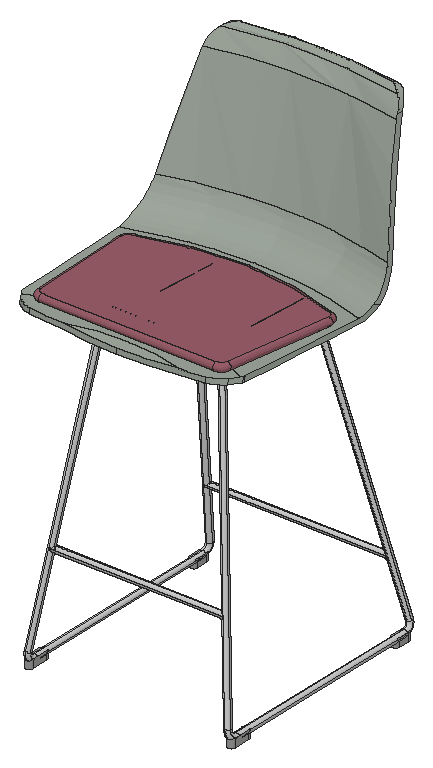
Revit family "FU_Stool_Sandler_Varya 0067", category Furniture, Revit 2020
Family settings
  OmniClass Number = 23.40.20.00
  OmniClass Title = General Furniture and Specialties
  Work Plane-Based = No
  Always vertical = Yes
  Cut with Voids When Loaded = No
  Shared = No
  Room Calculation Point = No
Parameters (values of type "Varya 0067")
  Width = 465 mm
  URL = "https://www.sandlerseating.com/product/varya-0067/"
  Shell [instance] = Polypropylene - M2_V74
  Seat [instance] = Fabric - X2 - Subtract AK013
  Model = "Varya 0067"
  Manufacturer = "Sandler"
  Height = 1020 mm
  Frame [instance] = Metal - Chrome - Polished
  Description = "High back counterstool with polypropylene shell, round steel tube sled base and upholstered seat. Greenguard Certified."
  Depth = 490 mm
  Default Elevation = 0 mm
Reference planes
  plane 1 "Center (Front/Back)": y = 0
  plane 2: z = 0
  plane 3 "Center (Left/Right)": x = 0
  plane 4 "Right": x = -232.5
  plane 5 "Left": x = 232.5
  plane 6 "Back": y = 245
  plane 7 "Front": y = -245
  plane 8 "Height": z = 1020
  plane 9 "Seat height": z = 640
  plane 10 "Frame Left FRONT": through (198.912, -1524, 31.346) normal (-0.9909, 0, -0.1347)
  plane 11 "Frame Right FRONT": through (-198.912, -1524, 31.346) normal (-0.9909, 0, 0.1347)
  plane 12 "Frame Front RIGHT": through (4267.2, -225.901, 30.141) normal (0, -0.9897, 0.1428)
  plane 13 "Frame Back RIGHT": through (4267.2, 224.33, 31.421) normal (0, -0.9743, -0.2253)
  plane 14 "Stretch F RIGHT": z = 214.183
  plane 15 "Stretch B RIGHT": z = 150.129
  plane 16 "F Cross Top RIGHT": through (4267.2, -130.821, 647.018) normal (0, 0.0581, 0.9983)
Forms (mm)
  Sweep 1, solid, material "Metal - Chrome - Polished" <- "Frame"
    path origin (199.487, 0, 27.117) x (0.134693, 0, -0.990887) y (0, -1, 0)
      loop
        line (-604.852, 139.98) -> (-5.632, 227.277)
        arc (-5.632, 227.277) -> (8.797, 223.082) -> (15.051, 209.42) r 18.05
        line (15.051, 209.42) -> (15.051, -210.213)
        arc (15.051, -210.213) -> (9.37, -222.076) -> (-3.434, -225.085) r 15.225
        line (-3.434, -225.085) -> (-595.732, -88.874)
    profile "Pro_Circles : 12mm" origin (201.514, 0.397, 12.202) x (0.134693, 0, -0.990887) y (-0.990887, 0, -0.134693)
      loop
        arc (-5.967, 0.067) -> (-4.287, -4.192) -> (-0.067, -5.967) r 5.901
        arc (-0.067, -5.967) -> (4.24, -4.24) -> (5.967, 0.067) r 5.902
        arc (5.967, 0.067) -> (4.192, 4.286) -> (-0.067, 5.967) r 5.901
        arc (-0.067, 5.967) -> (-4.238, 4.238) -> (-5.967, 0.067) r 5.9
  Sweep 2, solid, material "Metal - Chrome - Polished" <- "Frame"
    path origin (0, 219.842, 50.831) x (0, 0.225273, -0.974296) y (1, 0, 0)
      loop
        line (-577.263, 119.832) -> (-589.197, 118.167)
        arc (-589.197, 118.167) -> (-598.141, 112.876) -> (-600.665, 102.794) r 13.483
        arc (-600.665, 102.794) -> (-592.937, 0.192) -> (-600.665, -102.411) r 684.995
        arc (-600.665, -102.411) -> (-598.141, -112.492) -> (-589.197, -117.784) r 13.483
        line (-589.197, -117.784) -> (-577.238, -119.453)
    profile "Pro_Circles : 12mm" origin (119, 88.456, 619.07) x (-0.990407, 0.031128, -0.134628) y (0, -0.974296, -0.225273)
      loop
        arc (-5.967, 0.067) -> (-4.287, -4.192) -> (-0.067, -5.967) r 5.901
        arc (-0.067, -5.967) -> (4.24, -4.24) -> (5.967, 0.067) r 5.902
        arc (5.967, 0.067) -> (4.192, 4.286) -> (-0.067, 5.967) r 5.901
        arc (-0.067, 5.967) -> (-4.238, 4.238) -> (-5.967, 0.067) r 5.9
  Sweep 3, solid, material "Metal - Chrome - Polished" <- "Frame"
    path origin (0, -225.554, 32.548) x (0, -0.142821, -0.989748) y (1, 0, 0)
      loop
        line (-593.19, 118.99) -> (-606.091, 117.218)
        arc (-606.091, 117.218) -> (-617.596, 110.767) -> (-621.627, 98.208) r 18.026
        arc (-621.627, 98.208) -> (-618.484, 0) -> (-621.627, -98.208) r 1535.879
        arc (-621.627, -98.208) -> (-617.596, -110.767) -> (-606.091, -117.218) r 18.026
        line (-606.091, -117.218) -> (-593.19, -118.99)
    profile "Pro_Circles : 12mm" origin (0, -137.221, 644.691) x (0, -0.142821, -0.989748) y (0, -0.989748, 0.142821)
      loop
        arc (-5.967, 0.067) -> (-4.287, -4.192) -> (-0.067, -5.967) r 5.901
        arc (-0.067, -5.967) -> (4.24, -4.24) -> (5.967, 0.067) r 5.902
        arc (5.967, 0.067) -> (4.192, 4.286) -> (-0.067, 5.967) r 5.901
        arc (-0.067, 5.967) -> (-4.238, 4.238) -> (-5.967, 0.067) r 5.9
  Sweep 4, solid, material "Metal - Chrome - Polished" <- "Frame"
    path origin (-199.487, 0, 27.117) x (-0.134693, 0, -0.990887) y (0, -1, 0)
      loop
        line (-604.852, 139.98) -> (-5.632, 227.277)
        arc (-5.632, 227.277) -> (8.797, 223.082) -> (15.051, 209.42) r 18.05
        line (15.051, 209.42) -> (15.051, -210.213)
        arc (15.051, -210.213) -> (9.37, -222.076) -> (-3.434, -225.085) r 15.225
        line (-3.434, -225.085) -> (-595.732, -88.874)
    profile "Pro_Circles : 12mm" origin (-201.514, 0.397, 12.202) x (0.134693, 0, 0.990887) y (0.990887, 0, -0.134693)
      loop
        arc (5.967, 0.067) -> (4.238, 4.238) -> (0.067, 5.967) r 5.9
        arc (0.067, 5.967) -> (-4.192, 4.286) -> (-5.967, 0.067) r 5.901
        arc (-5.967, 0.067) -> (-4.24, -4.24) -> (0.067, -5.967) r 5.902
        arc (0.067, -5.967) -> (4.287, -4.192) -> (5.967, 0.067) r 5.901
  Sweep 5, solid, material "Metal - Chrome - Polished" <- "Frame"
    path origin (0, 0.43, 150.129) x (0, -1, 0) y (1, 0, 0)
      loop
        line (-196.904, -183) -> (-196.904, 183)
    profile "Pro_Circles : 12mm" origin (0, 197.334, 150.129) x (0, 1, 0) y (0, 0, 1)
      loop
        arc (-5.967, 0.067) -> (-4.287, -4.192) -> (-0.067, -5.967) r 5.901
        arc (-0.067, -5.967) -> (4.24, -4.24) -> (5.967, 0.067) r 5.902
        arc (5.967, 0.067) -> (4.192, 4.286) -> (-0.067, 5.967) r 5.901
        arc (-0.067, 5.967) -> (-4.238, 4.238) -> (-5.967, 0.067) r 5.9
  Sweep 6, solid, material "Metal - Chrome - Polished" <- "Frame"
    path origin (0, -1.25, 214.183) x (0, -1, 0) y (1, 0, 0)
      loop
        line (199.339, -172.034) -> (199.339, 171.965)
    profile "Pro_Circles : 12mm" origin (-0.034, -200.589, 214.183) x (0, 1, 0) y (0, 0, 1)
      loop
        arc (-5.967, 0.067) -> (-4.287, -4.192) -> (-0.067, -5.967) r 5.901
        arc (-0.067, -5.967) -> (4.24, -4.24) -> (5.967, 0.067) r 5.902
        arc (5.967, 0.067) -> (4.192, 4.286) -> (-0.067, 5.967) r 5.901
        arc (-0.067, 5.967) -> (-4.238, 4.238) -> (-5.967, 0.067) r 5.9
  SweptBlend 7, solid, material "Metal - Chrome - Polished" <- "Frame"
    path origin (0, 42.102, 636.998) x (0, -0.998312, 0.058087) y (1, 0, 0)
      loop
        line (178.874, -90.024) -> (-43.23, -90.024)
    profile "Pro_Frame_Loz : Pro_Frame_Loz" origin (-90.024, -136.469, 647.388) x (-1, 0, 0) y (0, 0.058087, 0.998312)
      loop
        arc (-6.206, 5.787) -> (-11.993, -0.419) -> (-5.787, -6.206) r 6
        line (-5.787, -6.206) -> (6.206, -5.787)
        arc (6.206, -5.787) -> (11.993, 0.419) -> (5.787, 6.206) r 6
        line (5.787, 6.206) -> (-6.206, 5.787)
    end profile "Pro_Frame_Loz : Pro_Frame_Loz" origin (-90.024, 85.26, 634.486) x (-1, 0, 0) y (0, 0.058087, 0.998312)
      loop
        arc (-6.594, 5.34) -> (-11.934, -1.254) -> (-5.34, -6.594) r 6
        line (-5.34, -6.594) -> (6.594, -5.34)
        arc (6.594, -5.34) -> (11.934, 1.254) -> (5.34, 6.594) r 6
        line (5.34, 6.594) -> (-6.594, 5.34)
  SweptBlend 8, solid, material "Metal - Chrome - Polished" <- "Frame"
    path origin (0, 42.102, 636.998) x (0, -0.998312, 0.058087) y (-1, 0, 0)
      loop
        line (178.874, -90.024) -> (-43.23, -90.024)
    profile "Pro_Frame_Loz : Pro_Frame_Loz" origin (90.024, -136.469, 647.388) x (-1, 0, 0) y (0, 0.058087, 0.998312)
      loop
        line (5.787, 6.206) -> (-6.206, 5.787)
        arc (-6.206, 5.787) -> (-11.993, -0.419) -> (-5.787, -6.206) r 6
        line (-5.787, -6.206) -> (6.206, -5.787)
        arc (6.206, -5.787) -> (11.993, 0.419) -> (5.787, 6.206) r 6
    end profile "Pro_Frame_Loz : Pro_Frame_Loz" origin (90.024, 85.26, 634.486) x (-1, 0, 0) y (0, 0.058087, 0.998312)
      loop
        line (5.34, 6.594) -> (-6.594, 5.34)
        arc (-6.594, 5.34) -> (-11.934, -1.254) -> (-5.34, -6.594) r 6
        line (-5.34, -6.594) -> (6.594, -5.34)
        arc (6.594, -5.34) -> (11.934, 1.254) -> (5.34, 6.594) r 6
  Extrusion 9, solid, material "Rubber, Black"
    sketch origin (0, 0, 0) x (1, 0, 0) y (0, 1, 0)
      loop
        arc (-194, -187.097) -> (-201.5, -179.597) -> (-209, -187.097) r 7.5
        line (-209, -187.097) -> (-209, -220.654)
        arc (-209, -220.654) -> (-201.5, -228.154) -> (-194, -220.654) r 7.5
        line (-194, -220.654) -> (-194, -187.097)
    from 0 to 15.919
  Extrusion 10, solid, material "Rubber, Black"
    sketch origin (0, 0, 0) x (1, 0, 0) y (0, 1, 0)
      loop
        line (-194, 189.328) -> (-194, 211.01)
        arc (-194, 211.01) -> (-201.5, 218.51) -> (-209, 211.01) r 7.5
        line (-209, 211.01) -> (-209, 189.328)
        arc (-209, 189.328) -> (-201.5, 181.828) -> (-194, 189.328) r 7.5
    from 0 to 15.919
  Extrusion 11, solid, material "Rubber, Black"
    sketch origin (0, 0, 0) x (-1, 0, 0) y (0, -1, 0)
      loop
        line (-194, 187.097) -> (-194, 220.654)
        arc (-194, 220.654) -> (-201.5, 228.154) -> (-209, 220.654) r 7.5
        line (-209, 220.654) -> (-209, 187.097)
        arc (-209, 187.097) -> (-201.5, 179.597) -> (-194, 187.097) r 7.5
    from 0 to 15.919
  Extrusion 12, solid, material "Rubber, Black"
    sketch origin (0, 0, 0) x (-1, 0, 0) y (0, -1, 0)
      loop
        arc (-194, -189.328) -> (-201.5, -181.828) -> (-209, -189.328) r 7.5
        line (-209, -189.328) -> (-209, -211.01)
        arc (-209, -211.01) -> (-201.5, -218.51) -> (-194, -211.01) r 7.5
        line (-194, -211.01) -> (-194, -189.328)
    from 0 to 15.919
Dimensions and locks
  equal spacing: plane 4 "Right", plane 3 "Center (Left/Right)", plane 5 "Left"
  "Width": plane 4 "Right" to plane 5 "Left"
  equal spacing: plane 6 "Back", plane 1 "Center (Front/Back)", plane 7 "Front"
  "Depth": plane 6 "Back" to plane 7 "Front"
  "Height": plane 8 "Height" to level
  plane 9 "Seat height" to level = 640 mm
  aligned and locked: level to plane 2
Automatic sketch dimensions
  plane 7 "Front" to Sweep 1 sketch curve = 105.02 mm
  Sweep 1 sketch curve to plane 1 "Center (Front/Back)" = 88.874 mm
  Sweep 1 sketch curve to Sweep 1 sketch curve = 9.12 mm
  plane 7 "Front" to Sweep 1 sketch curve = 17.723 mm
  Sweep 1 sketch curve to Sweep 1 sketch curve = 599.22 mm
  Sweep 1 sketch curve to plane 6 "Back" = 19.915 mm
  Sweep 1 sketch curve to Sweep 1 sketch curve = 2.198 mm
  Sweep 1 sketch curve to Sweep 1 sketch curve = 2.633 mm
  Sweep 1 sketch curve to Sweep 1 sketch curve = 3.261 mm
  Sweep 1 sketch curve to Sweep 1 sketch curve = 15.225 mm
  plane 3 "Center (Left/Right)" to Sweep 2 sketch curve = 0.192 mm
  plane 5 "Left" to Sweep 2 sketch curve = 114.333 mm
  Sweep 2 sketch curve to Sweep 2 sketch curve = 688.735 mm
  Sweep 2 sketch curve to plane 4 "Right" = 114.716 mm
  Sweep 2 sketch curve to Sweep 2 sketch curve = 0 mm  (x2)
  Sweep 2 sketch curve to Sweep 2 sketch curve = 1.863 mm  (x2)
  Sweep 2 sketch curve to Sweep 2 sketch curve = 13.354 mm  (x2)
  plane 5 "Left" to Sweep 2 sketch curve = 112.668 mm
  Sweep 2 sketch curve to Sweep 2 sketch curve = 11.934 mm
  Sweep 2 sketch curve to plane 4 "Right" = 113.047 mm
  Sweep 2 sketch curve to Sweep 2 sketch curve = 11.959 mm
  Sweep 3 sketch curve to plane 3 "Center (Left/Right)" = 0 mm
  plane 5 "Left" to Sweep 3 sketch curve = 115.282 mm
  Sweep 3 sketch curve to Sweep 3 sketch curve = 1548.272 mm
  Sweep 3 sketch curve to plane 4 "Right" = 115.282 mm
  Sweep 3 sketch curve to Sweep 3 sketch curve = 0 mm  (x2)
  Sweep 3 sketch curve to Sweep 3 sketch curve = 2.453 mm  (x2)
  Sweep 3 sketch curve to Sweep 3 sketch curve = 17.858 mm  (x2)
  Sweep 3 sketch curve to plane 4 "Right" = 113.51 mm
  Sweep 3 sketch curve to Sweep 3 sketch curve = 12.901 mm  (x2)
  plane 5 "Left" to Sweep 3 sketch curve = 113.51 mm
  Sweep 4 sketch curve to plane 7 "Front" = 17.723 mm
  plane 6 "Back" to Sweep 4 sketch curve = 19.915 mm
  Sweep 4 sketch curve to Sweep 4 sketch curve = 2.198 mm
  Sweep 4 sketch curve to Sweep 4 sketch curve = 2.633 mm
  Sweep 4 sketch curve to Sweep 4 sketch curve = 3.261 mm
  Sweep 4 sketch curve to Sweep 4 sketch curve = 15.225 mm
  plane 1 "Center (Front/Back)" to Sweep 4 sketch curve = 88.874 mm
  Sweep 4 sketch curve to Sweep 4 sketch curve = 592.297 mm
  Sweep 4 sketch curve to plane 7 "Front" = 105.02 mm
  Sweep 4 sketch curve to Sweep 4 sketch curve = 9.12 mm
  Sweep 5 sketch curve to plane 6 "Back" = 47.666 mm
  Sweep 5 sketch curve to plane 4 "Right" = 49.5 mm
  plane 5 "Left" to Sweep 5 sketch curve = 49.5 mm
  plane 7 "Front" to Sweep 6 sketch curve = 44.411 mm
  Sweep 6 sketch curve to plane 4 "Right" = 60.466 mm
  plane 5 "Left" to Sweep 6 sketch curve = 60.535 mm
  SweptBlend 7 sketch curve to plane 3 "Center (Left/Right)" = 90.024 mm
  SweptBlend 7 sketch curve to SweptBlend 7 sketch curve = 222.104 mm
  SweptBlend 8 sketch curve to plane 3 "Center (Left/Right)" = 90.024 mm
  SweptBlend 8 sketch curve to SweptBlend 8 sketch curve = 222.104 mm
  Extrusion 9 sketch curve to plane 4 "Right" = 23.5 mm
  Extrusion 9 sketch curve to Extrusion 9 sketch curve = 7.5 mm
  plane 7 "Front" to Extrusion 9 sketch curve = 24.346 mm
  Extrusion 9 sketch curve to Extrusion 9 sketch curve = 33.557 mm
  Extrusion 10 sketch curve to plane 4 "Right" = 23.5 mm
  Extrusion 10 sketch curve to Extrusion 10 sketch curve = 7.5 mm
  Extrusion 10 sketch curve to plane 6 "Back" = 55.672 mm
  Extrusion 10 sketch curve to Extrusion 10 sketch curve = 21.682 mm
  Extrusion 11 sketch curve to plane 5 "Left" = 23.5 mm
  Extrusion 11 sketch curve to Extrusion 11 sketch curve = 7.5 mm
  Extrusion 11 sketch curve to plane 7 "Front" = 24.346 mm
  Extrusion 11 sketch curve to Extrusion 11 sketch curve = 33.557 mm
  Extrusion 12 sketch curve to plane 5 "Left" = 23.5 mm
  Extrusion 12 sketch curve to Extrusion 12 sketch curve = 7.5 mm
  plane 6 "Back" to Extrusion 12 sketch curve = 55.672 mm
  Extrusion 12 sketch curve to Extrusion 12 sketch curve = 21.682 mm
Nested families
  nested 1: "TP02" at (0, 0.618, 599.176) x (1, 0, 0) z (0, 0.0581, 0.9983), Shell Material <- "Shell", Seat Material <- "Seat", type "TP02"
    with Shell Material Polypropylene - M2_V74, Seat Material Fabric - X2 - Subtract AK013
Definition of nested family "TP02"
  Parameters (values of type "TP02")
    Youtube clip = ""
    Uniformat II Description = "Movable Furnishings"
    Uniformat II Code = ""
    Uniclass 2015 Name = ""
    Uniclass 2015 Code = ""
    Uniclass 2.0 Description = ""
    Uniclass 2.0 Code = ""
    Uniclass 1.4 Description = ""
    Uniclass 1.4 Code = ""
    UNSPSC Code = ""
    Technical description = ""
    Seat Material [instance] = none
    Default Elevation = 1219.2 mm
    401D = no
    Region South America = "All"
    Region Oceania = "All"
    Region North America = "All"
    Region Middle East = "All"
    Region Europe = "All"
    Region Asia = "All"
    Region Antarctica = "All"
    Region Africa = "All"
    QR code = ""
    Product url = ""
    Product name = ""
    Product group = "Chair"
    Product family = "Furniture"
    Product data url = ""
    Product certification = ""
    Product SKU = "??"
    Product Guid = "??"
    OmniClass Description = ""
    OmniClass Code = "23-21 23 15 17"
    NBS Reference Description = ""
    NBS Reference Code = ""
    Model = ""
    Masterformat 2014 Description = "Chair Mats"
    Masterformat 2014 Code = "12 48 43.13"
    Manufacturer name = "Sandler"
    Manufacturer country = "USA"
    Manufacturer = "Sandler"  # constant formula
    401G = yes
    Installation instructions = ""
    IFC Classification = "Furnishing Element"
    GTIN code = ""
    Edition number = 1
    Design country = ""
    Description = "Chair"  # constant formula
    Date of publishing = ""
    COBIe Type Category = ""
    Brand url = "https://www.sandlerseating.com/"
    Shell Material [instance] = none
    BIMobject main category code = "furniture"
    BIMobject main category = "Furniture"
    BIMobject category code = "furniture-chair"
    BIMobject category = "Chair"
  Reference planes
    plane 1 "Center Front/Back": y = 0
    plane 2: z = 0
    plane 3 "Center Left/Right": x = 0
    plane 4: y = 234.279
    plane 5: x = 400
    plane 6: x = -400
    plane 7: y = -500
    plane 8: x = -600
    plane 9: x = 600
    plane 10 "Pivo": y = -89.33
  Forms (mm)
    SweptBlend 1, solid, material <- "Shell Material"
      path origin (5.681, -212.5, 0) x (1, 0, 0) y (0, 1, 0)
        loop
          arc (-317.221, 139.285) -> (-9.402, 229.926) -> (301.107, 148.975) r 600
      profile "Profile Lateral : Profile Lateral" origin (-311.539, -73.215, 0) x (-0.528701, 0.848808, 0) y (0, 0, 1)
        loop
          arc (220.072, 373.875) -> (220.776, 379.083) -> (216.324, 381.876) r 4.851
          arc (216.324, 381.876) -> (209.979, 378.228) -> (205.376, 372.537) r 19.958
          arc (205.376, 372.537) -> (196.162, 356.573) -> (188.635, 339.748) r 179.403
          arc (188.635, 339.748) -> (162.543, 233.058) -> (144.335, 124.743) r 1498.854
          arc (144.335, 124.743) -> (120.197, 79.841) -> (74.028, 58.225) r 81.068
          line (74.028, 58.225) -> (-180.577, 50.222)
          arc (-180.577, 50.222) -> (-217.915, 49.974) -> (-255.089, 46.48) r 428.848
          arc (-255.089, 46.48) -> (-277.323, 40.838) -> (-297.701, 30.309) r 100.67
          arc (-297.701, 30.309) -> (-299.067, 23.371) -> (-292.129, 22.005) r 5
          arc (-292.129, 22.005) -> (-273.768, 31.491) -> (-253.736, 36.572) r 90.67
          arc (-253.736, 36.572) -> (-217.251, 39.995) -> (-180.606, 40.216) r 418.848
          line (-180.606, 40.216) -> (74.763, 48.243)
          arc (74.763, 48.243) -> (126.989, 72.501) -> (154.223, 123.238) r 91.068
          arc (154.223, 123.238) -> (172.269, 230.706) -> (198.126, 336.566) r 1488.854
          arc (198.126, 336.566) -> (205.277, 352.434) -> (214.019, 367.485) r 169.403
          arc (214.019, 367.485) -> (216.964, 370.757) -> (220.072, 373.875) r 86.344
      end profile "Profile Lateral : Profile Lateral" origin (306.788, -63.525, 0) x (0.501844, 0.864958, 0) y (0, 0, 1)
        loop
          arc (220.072, 373.875) -> (220.776, 379.083) -> (216.324, 381.876) r 4.851
          arc (216.324, 381.876) -> (209.979, 378.228) -> (205.376, 372.537) r 19.958
          arc (205.376, 372.537) -> (196.162, 356.573) -> (188.635, 339.748) r 179.403
          arc (188.635, 339.748) -> (162.543, 233.058) -> (144.335, 124.743) r 1498.854
          arc (144.335, 124.743) -> (120.197, 79.841) -> (74.028, 58.225) r 81.068
          line (74.028, 58.225) -> (-180.577, 50.222)
          arc (-180.577, 50.222) -> (-217.915, 49.974) -> (-255.089, 46.48) r 428.848
          arc (-255.089, 46.48) -> (-277.323, 40.838) -> (-297.701, 30.309) r 100.67
          arc (-297.701, 30.309) -> (-299.067, 23.371) -> (-292.129, 22.005) r 5
          arc (-292.129, 22.005) -> (-273.768, 31.491) -> (-253.736, 36.572) r 90.67
          arc (-253.736, 36.572) -> (-217.251, 39.995) -> (-180.606, 40.216) r 418.848
          line (-180.606, 40.216) -> (74.763, 48.243)
          arc (74.763, 48.243) -> (126.989, 72.501) -> (154.223, 123.238) r 91.068
          arc (154.223, 123.238) -> (172.269, 230.706) -> (198.126, 336.566) r 1488.854
          arc (198.126, 336.566) -> (205.277, 352.434) -> (214.019, 367.485) r 169.403
          arc (214.019, 367.485) -> (216.964, 370.757) -> (220.072, 373.875) r 86.344
    Extrusion 2, void
      sketch origin (5.681, 0, 0) x (1, 0, 0) y (0, 1, 0)
        loop
          line (-247.765, 106.22) -> (-247.765, 266.22) -> (-487.765, 266.22) -> (-487.765, -333.78) -> (-7.5, -333.78) -> (472.765, -333.78) -> (472.765, 266.22) -> (232.765, 266.22) -> (232.765, 106.22) -> (213.357, -213.191)
          arc (213.357, -213.191) -> (196.502, -241.247) -> (166.837, -255.077) r 55.957
          arc (166.837, -255.077) -> (79.688, -257.728) -> (-7.5, -258.12) r 3363.946
          arc (-7.5, -258.12) -> (-94.688, -257.728) -> (-181.837, -255.077) r 3363.946
          arc (-181.837, -255.077) -> (-211.502, -241.247) -> (-228.357, -213.191) r 55.957
          line (-228.357, -213.191) -> (-247.765, 106.22)
      from 0 to 250
    Extrusion 3, void
      sketch origin (5.681, 0, 0) x (1, 0, 0) y (0, 0, 1)
        loop
          line (232.252, 65.67) -> (445.023, 65.67) -> (445.023, 415.67) -> (145.999, 415.67) -> (145.999, 382.34)
          arc (145.999, 382.34) -> (169.969, 371.303) -> (183.516, 348.657) r 44.637
          line (183.516, 348.657) -> (232.252, 65.67)
        loop
          line (-246.936, 65.67) -> (-200.298, 330.165) -> (-196.12, 348.236)
          arc (-196.12, 348.236) -> (-183.265, 370.366) -> (-160.18, 381.415) r 43.434
          line (-160.18, 381.415) -> (-160.18, 415.67) -> (-460.023, 415.67) -> (-460.023, 65.67) -> (-246.936, 65.67)
      from -241.575 to -47.482
    Extrusion 4, solid, material <- "Seat Material"
      sketch origin (7.5, 0, 0) x (1, 0, 0) y (0, 1, 0)
        loop
          arc (-209.681, 32.791) -> (-219.206, 24.695) -> (-222.063, 12.524) r 20
          line (-222.063, 12.524) -> (-201.985, -216.973)
          arc (-201.985, -216.973) -> (-195.573, -229.976) -> (-182.061, -235.23) r 20
          line (-182.061, -235.23) -> (165.399, -235.23)
          arc (165.399, -235.23) -> (178.911, -229.976) -> (185.323, -216.973) r 20
          line (185.323, -216.973) -> (205.402, 12.524)
          arc (205.402, 12.524) -> (202.545, 24.695) -> (193.019, 32.791) r 20
          arc (193.019, 32.791) -> (-8.331, 72.209) -> (-209.681, 32.791) r 533.965
      from 50.222 to 65
    Sweep 5, void
      path in 3D
        loop
          arc (172.899, -235.23, 65) -> (186.411, -229.976, 65) -> (192.823, -216.973, 65) r 20
          line (192.823, -216.973, 65) -> (212.902, 12.524, 65)
          arc (212.902, 12.524, 65) -> (210.045, 24.695, 65) -> (200.519, 32.791, 65) r 20
          arc (200.519, 32.791, 65) -> (-0.831, 72.209, 65) -> (-202.181, 32.791, 65) r 533.965
          arc (-202.181, 32.791, 65) -> (-211.706, 24.695, 65) -> (-214.563, 12.524, 65) r 20
          line (-214.563, 12.524, 65) -> (-194.485, -216.973, 65)
          arc (-194.485, -216.973, 65) -> (-188.073, -229.976, 65) -> (-174.561, -235.23, 65) r 20
          line (-174.561, -235.23, 65) -> (172.899, -235.23, 65)
      profile origin (-0.831, -235.23, 65) x (0, 1, 0) y (0, 0, 1)
        loop
          line (7.389, 0) -> (-2.611, 0) -> (-2.611, -14.778) -> (7.389, -14.778)
          arc (7.389, -14.778) -> (0, -7.389) -> (7.389, 0) r 7.389
  Cuts and joins
    Extrusion 2, Extrusion 3 cuts SweptBlend 1
    Sweep 5 cuts Extrusion 4
  Lines and regions (mm)
    sketch lines
      curve 1: line (-174.561, -235.23, 65) -> (172.899, -235.23, 65)
      curve 2: arc (192.823, -216.973, 65) -> (186.411, -229.976, 65) -> (172.899, -235.23, 65) r 20
      curve 3: line (192.823, -216.973, 65) -> (212.902, 12.524, 65)
      curve 4: arc (200.519, 32.791, 65) -> (210.045, 24.695, 65) -> (212.902, 12.524, 65) r 20
      curve 5: arc (-202.181, 32.791, 65) -> (-0.831, 72.209, 65) -> (200.519, 32.791, 65) r 533.965
      curve 6: arc (-214.563, 12.524, 65) -> (-211.706, 24.695, 65) -> (-202.181, 32.791, 65) r 20
      curve 7: line (-214.563, 12.524, 65) -> (-194.485, -216.973, 65)
      curve 8: arc (-174.561, -235.23, 65) -> (-188.073, -229.976, 65) -> (-194.485, -216.973, 65) r 20
  Dimensions and locks
    equal spacing: plane 6, plane 3 "Center Left/Right", plane 5
    plane 6 to plane 3 "Center Left/Right" = 400 mm
    aligned and locked: level to plane 2
  Automatic sketch dimensions
    plane 3 "Center Left/Right" to SweptBlend 1 sketch curve = 5.681 mm
    SweptBlend 1 sketch curve to plane 7 = 82.5 mm
    plane 6 to SweptBlend 1 sketch curve = 88.461 mm
    SweptBlend 1 sketch curve to plane 5 = 93.212 mm
    plane 1 "Center Front/Back" to SweptBlend 1 sketch curve = 73.215 mm
    Extrusion 2 sketch curve to plane 3 "Center Left/Right" = 1.819 mm  (x2)
    Extrusion 2 sketch curve to plane 3 "Center Left/Right" = 30.298 mm
    Extrusion 2 sketch curve to plane 3 "Center Left/Right" = 168.378 mm
    Extrusion 2 sketch curve to Extrusion 2 sketch curve = 54.298 mm  (x2)
    plane 6 to Extrusion 2 sketch curve = 157.917 mm
    Extrusion 2 sketch curve to plane 6 = 82.083 mm
    plane 3 "Center Left/Right" to Extrusion 2 sketch curve = 26.661 mm
    plane 3 "Center Left/Right" to Extrusion 2 sketch curve = 164.741 mm
    Extrusion 2 sketch curve to plane 5 = 161.554 mm
    plane 5 to Extrusion 2 sketch curve = 78.446 mm
    plane 1 "Center Front/Back" to Extrusion 2 sketch curve = 213.191 mm  (x2)
    Extrusion 2 sketch curve to Extrusion 2 sketch curve = 13.528 mm  (x2)
    Extrusion 2 sketch curve to plane 1 "Center Front/Back" = 106.22 mm  (x2)
    plane 4 to Extrusion 2 sketch curve = 31.941 mm  (x2)
    Extrusion 2 sketch curve to Extrusion 2 sketch curve = 2839.485 mm
    Extrusion 2 sketch curve to Extrusion 2 sketch curve = 0 mm
    plane 7 to Extrusion 2 sketch curve = 166.22 mm
    Extrusion 2 sketch curve to Extrusion 2 sketch curve = 7.778 mm
    Extrusion 3 sketch curve to plane 6 = 54.341 mm
    level to Extrusion 3 sketch curve = 65.67 mm  (x2)
    plane 6 to Extrusion 3 sketch curve = 158.746 mm
    plane 6 to Extrusion 3 sketch curve = 205.383 mm
    Extrusion 3 sketch curve to Extrusion 3 sketch curve = 4.178 mm
    Extrusion 3 sketch curve to Extrusion 3 sketch curve = 35.941 mm
    Extrusion 3 sketch curve to Extrusion 3 sketch curve = 6.377 mm
    plane 3 "Center Left/Right" to Extrusion 3 sketch curve = 145.83 mm
    Extrusion 3 sketch curve to Extrusion 3 sketch curve = 5.851 mm
    plane 5 to Extrusion 3 sketch curve = 50.704 mm
    Extrusion 3 sketch curve to Extrusion 3 sketch curve = 264.495 mm
    Extrusion 3 sketch curve to Extrusion 3 sketch curve = 272.419 mm
    Extrusion 3 sketch curve to Extrusion 3 sketch curve = 8.287 mm
    Extrusion 3 sketch curve to Extrusion 3 sketch curve = 18.071 mm
    Extrusion 3 sketch curve to Extrusion 3 sketch curve = 44.252 mm
    Extrusion 3 sketch curve to Extrusion 3 sketch curve = 34.255 mm
    Extrusion 3 sketch curve to Extrusion 3 sketch curve = 33.33 mm
    Extrusion 3 sketch curve to Extrusion 3 sketch curve = 43.368 mm
    Extrusion 3 sketch curve to plane 5 = 162.066 mm
    Extrusion 4 sketch curve to plane 1 "Center Front/Back" = 12.524 mm  (x2)
    plane 6 to Extrusion 4 sketch curve = 185.437 mm
    Extrusion 4 sketch curve to Extrusion 4 sketch curve = 19.924 mm  (x4)
    plane 6 to Extrusion 4 sketch curve = 205.515 mm
    Extrusion 4 sketch curve to plane 3 "Center Left/Right" = 0.831 mm
    plane 3 "Center Left/Right" to Extrusion 4 sketch curve = 172.899 mm
    Extrusion 4 sketch curve to plane 1 "Center Front/Back" = 14.267 mm  (x2)
    Extrusion 4 sketch curve to Extrusion 4 sketch curve = 20.078 mm
    plane 1 "Center Front/Back" to Extrusion 4 sketch curve = 215.23 mm
    Extrusion 4 sketch curve to Extrusion 4 sketch curve = 1.743 mm
    Extrusion 4 sketch curve to Extrusion 4 sketch curve = 20 mm
    plane 7 to Extrusion 4 sketch curve = 38.244 mm
    Extrusion 4 sketch curve to Extrusion 4 sketch curve = 0 mm
    Sweep 5 sketch curve to profile plane = 0 mm
    Sweep 5 sketch curve to profile plane = 7.389 mm
    Sweep 5 sketch curve to Sweep 5 sketch curve = 7.389 mm
    profile plane to Sweep 5 sketch curve = 2.611 mm
